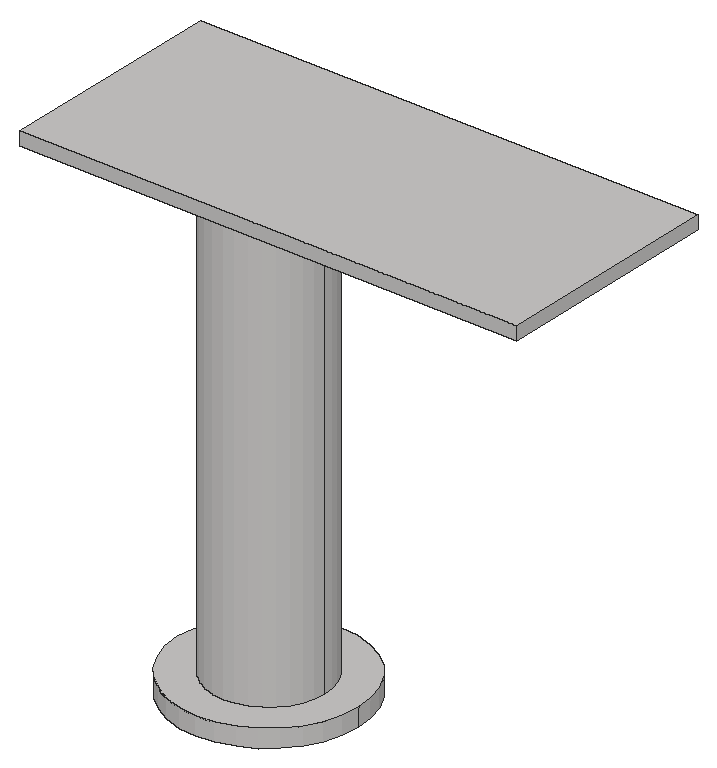
Revit family "Furniture_IKEA_CAPITA_Leg", category Furniture, Revit 2014
Parameters
  Width = 50 mm
  Plate = 3 mm
  L2 = 75 mm
  L1 = 35 mm
  Height = 110 mm
  Finish = Ikea - Stainless Steel
  Base Thickness = 4 mm
Reference planes
  plane 1 "Center (Front/Back)": y = 0
  plane 2: z = 0
  plane 3 "Center (Left/Right)": x = 0
  plane 4: z = 110
  plane 5: z = 107
  plane 6: z = 4
  plane 7: y = -25
  plane 8: y = 25
  plane 9: x = -35
  plane 10: x = 75
Forms (mm)
  Extrusion 1, solid, material "Ikea - Stainless Steel" <- "Finish"
    sketch origin (0, 0, 0) x (1, 0, 0) y (0, 1, 0)
      loop
        circle (0, 0) r 12.5
      loop
        circle (0, 0) r 9.5
    from 4 to 107
  Extrusion 2, solid, material "Ikea - Stainless Steel" <- "Finish"
    sketch origin (0, 0, 0) x (1, 0, 0) y (0, 1, 0)
      loop
        circle (0, 0) r 20
    from 0 to 4
  Extrusion 3, solid, material "Ikea - Stainless Steel" <- "Finish"
    sketch origin (0, 0, 0) x (1, 0, 0) y (0, 1, 0)
      loop
        line (-35, 25) -> (-35, -25) -> (75, -25) -> (75, 25) -> (-35, 25)
    from 107 to 110
Dimensions and locks
  "Base Thickness": plane 6 to plane 2
  "Plate": plane 4 to plane 5
  "Height": plane 4 to plane 2
  "L1": plane 9 to plane 3 "Center (Left/Right)"
  "L2": plane 3 "Center (Left/Right)" to plane 10
  equal spacing: plane 8, plane 1 "Center (Front/Back)", plane 7
  "Width": plane 8 to plane 7
  aligned and locked: level to plane 2
  aligned and locked: plane 6 to Extrusion 2
  aligned and locked: Extrusion 1 to plane 6
  aligned and locked: plane 5 to Extrusion 1
  aligned and locked: Extrusion 3 sketch curve to plane 8
  aligned and locked: plane 9 to Extrusion 3 sketch curve
  aligned and locked: plane 7 to Extrusion 3 sketch curve
  aligned and locked: Extrusion 3 sketch curve to plane 10
  aligned and locked: Extrusion 3 to Extrusion 1
  aligned and locked: plane 4 to Extrusion 3
Automatic sketch dimensions
  Extrusion 1 sketch curve to Extrusion 1 sketch curve = 0 mm  (x2)
  plane 1 "Center (Front/Back)" to Extrusion 1 sketch curve = 0 mm
  Extrusion 1 sketch curve to plane 3 "Center (Left/Right)" = 0 mm
  plane 1 "Center (Front/Back)" to Extrusion 2 sketch curve = 0 mm
  Extrusion 2 sketch curve to plane 3 "Center (Left/Right)" = 0 mm
  radius of Extrusion 1 sketch curve = 12.5 mm
  radius of Extrusion 1 sketch curve = 9.5 mm
  radius of Extrusion 2 sketch curve = 20 mm
